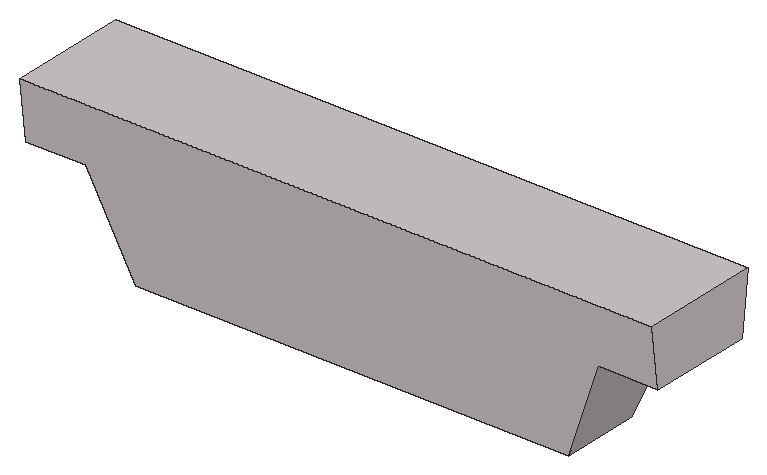
Revit family "9da77d1a59c545cebcd66d7b417ecaba", category Structural Framing, Revit 2021
Family settings
  Display in Hidden Views = Edges Hidden by Other Members
  Structural Framing Length Roundoff = 0' - 0"
  Section Shape = Not Defined
  Material for Model Behavior = Precast Concrete
  Always export as geometry = No
  OmniClass Number = 23.25.30.11.14.14
  OmniClass Title = Beams
  Seek Item ID = Precast-Cone Shaped Beam with Sloped Cut End-0000-USA-ENU
  Always vertical = Yes
  Cut with Voids When Loaded = No
  Symbolic Representation = From Family
  Shared = No
  Show family pre-cut in plan views = Yes
Parameters (values of type "8"-12"x16"-Double Sides Cut")
  Top Width = 1' - 0"
  Tie Rod Weight [instance] = 30
  Tie Rod W [instance] = (Tie Rod Weight) * 2.20313 kip / 1000  # 0.0660938 kip
  Structural Material [instance] = Concrete, Precast
  Single Rebar Weight [instance] = 50
  Single Rebar W [instance] = (Single Rebar Weight * 2.20313 kip) / 1000  # 0.110156 kip
  Rebar Grids Weight [instance] = 100
  Rebar Grids W [instance] = (Rebar Grids Weight * 2.20313 kip) / 1000  # 0.220313 kip
  Offset Length 2 = 0' - 4"
  Offset Length 1 = 0' - 4"
  Cut Depth [instance] = 0' - 10"
  Extension 2 [instance] = 0' - 6"
  Extension 1 [instance] = 0' - 6"
  Depth = 1' - 4"
  Bottom Width = 0' - 8"
  Assembly Code = ""
  Length [instance] = 5' - 0"
Types (3): name
  (no name)
  8"-12"x16"-Double Sides Cut
  8"-12"x16"-One Side Cut
Reference planes (in)
  plane 1 "Center (Front/Back)": y = 0
  plane 2: z = 0
  plane 3 "Center (Left/Right)": x = 0
  plane 4 "Member Left": x = -25.74878
  plane 5 "Member Right": x = 25.74878
  plane 6 "Left": x = -29.68579
  plane 7 "Right": x = 30.31421
  plane 8: z = 2
  plane 9: z = 8
  plane 10: x = -31.74878
  plane 11: y = -6
  plane 12: y = 6
  plane 13: x = 31.74878
  plane 14: z = -8
  plane 15: x = -21.74878
  plane 16: x = 21.74878
  plane 17: y = 4
  plane 18: y = -4
Forms (in)
  Sweep 1, solid, material "Concrete, Precast" <- "Structural Material"
    path origin (0, 14.72441, 0) x (1, 0, 0) y (0, 1, 0)
      loop
        line (-31.74878, -14.72441) -> (31.74878, -14.72441)
    profile origin (0, 0, 0) x (0, 1, 0) y (0, 0, 1)
      loop
        line (-4, -8) -> (4, -8) -> (6, 8) -> (-6, 8) -> (-4, -8)
  Extrusion 2, void
    sketch origin (0, 0, 0) x (1, 0, 0) y (0, 0, 1)
      loop
        line (-21.74878, -8) -> (-25.74878, 2) -> (-31.74878, 2) -> (-31.74878, -8) -> (-21.74878, -8)
      loop
        line (31.94563, -8) -> (31.94563, 2) -> (25.74878, 2) -> (21.74878, -8) -> (31.94563, -8)
    from -6 to 6
Cuts and joins
  Extrusion 2 cuts Sweep 1
Dimensions and locks (in)
  "Length": plane 6 "Left" to plane 7 "Right"
  locked: level to plane 2
  equal spacing: plane 12, plane 1 "Center (Front/Back)", plane 11
  "Top Width": plane 12 to plane 11
  equal spacing: plane 9, plane 2, plane 14
  "Depth": plane 9 to plane 14
  "Cut Depth": plane 8 to plane 14
  equal spacing: plane 17, plane 1 "Center (Front/Back)", plane 18
  "Bottom Width": plane 17 to plane 18
  locked: Extrusion 2 sketch curve to plane 13 at 0.19685
  "Extension 1": plane 10 to plane 4 "Member Left"
  "Extension 2": plane 5 "Member Right" to plane 13
  "Offset Length 1": plane 4 "Member Left" to plane 15
  "Offset Length 2": plane 16 to plane 5 "Member Right"
  aligned and locked: plane 10 to Sweep 1 sketch curve
  aligned and locked: plane 1 "Center (Front/Back)" to Sweep 1 sketch curve
  aligned and locked: plane 13 to Sweep 1 sketch curve
  aligned and locked: Sweep 1 sketch curve to plane 9
  aligned and locked: plane 14 to Sweep 1 sketch curve
  aligned and locked: plane 17 to Sweep 1 sketch curve
  aligned and locked: plane 18 to Sweep 1 sketch curve
  aligned and locked: plane 11 to Sweep 1 sketch curve
  aligned and locked: plane 12 to Sweep 1 sketch curve
  aligned and locked: Extrusion 2 sketch curve to plane 8  (x2)
  aligned and locked: plane 10 to Extrusion 2 sketch curve
  aligned and locked: plane 14 to Extrusion 2 sketch curve  (x2)
  aligned and locked: plane 15 to Extrusion 2 sketch curve
  aligned and locked: Extrusion 2 to plane 12
  aligned and locked: plane 11 to Extrusion 2
  aligned and locked: plane 16 to Extrusion 2 sketch curve
  aligned and locked: plane 4 "Member Left" to Extrusion 2 sketch curve
  aligned and locked: plane 5 "Member Right" to Extrusion 2 sketch curve
